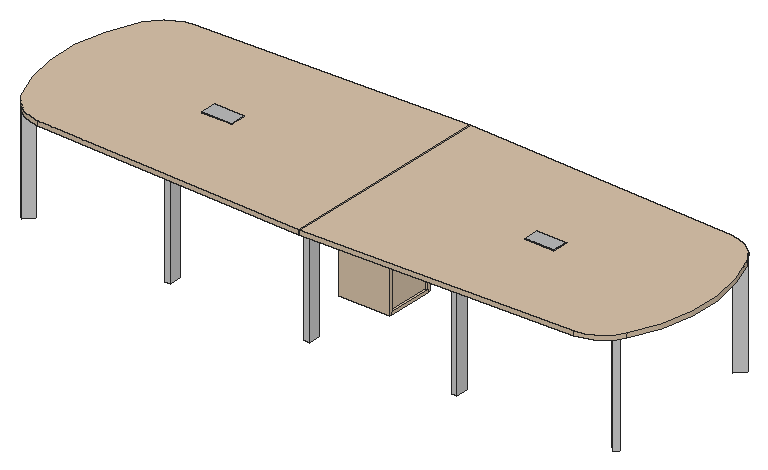
Revit family "Haworth_Planes_ConferenceTable_PebbleTwoPiece", category Furniture Systems, Revit 2018 (continued)
Definition of nested family "Haworth_Planes_Worksurface_Pebble_2Piece_PART"
  Definition of nested family "Haworth_Planes_Worksurface_Pebble60_TwoPiece_Part"
    Automatic sketch dimensions
      Extrusion 1 sketch curve to plane 3 "Center L/R" = 1.4253"  (x2)
      Extrusion 1 sketch curve to plane 3 "Center L/R" = 17.68"
      plane 1 "Center F/B" to Extrusion 1 sketch curve = 15 99/256"
      plane 1 "Center F/B" to Extrusion 1 sketch curve = 29.84"
      Extrusion 1 sketch curve to Extrusion 1 sketch curve = 374.11209"  (x2)
      Extrusion 1 sketch curve to plane 1 "Center F/B" = 15 99/256"
      Extrusion 1 sketch curve to plane 1 "Center F/B" = 29.84"
      Extrusion 1 sketch curve to Extrusion 1 sketch curve = 0"  (x4)
      plane 1 "Center F/B" to Extrusion 2 sketch curve = 0"
      Extrusion 2 sketch curve to plane 3 "Center L/R" = 0"
      Extrusion 2 sketch curve to plane 3 "Center L/R" = 1.44631"  (x2)
      Extrusion 2 sketch curve to plane 3 "Center L/R" = 20.68"
      plane 1 "Center F/B" to Extrusion 2 sketch curve = 15.38791"
      plane 1 "Center F/B" to Extrusion 2 sketch curve = 29.84"
      Extrusion 2 sketch curve to Extrusion 2 sketch curve = 431.31608"  (x2)
      Extrusion 2 sketch curve to plane 1 "Center F/B" = 15.38791"
      Extrusion 2 sketch curve to plane 1 "Center F/B" = 29.84"
      Extrusion 2 sketch curve to Extrusion 2 sketch curve = 0"  (x4)
      plane 1 "Center F/B" to Extrusion 3 sketch curve = 0"
      Extrusion 3 sketch curve to plane 3 "Center L/R" = 0"
      Extrusion 3 sketch curve to plane 3 "Center L/R" = 1.45357"  (x2)
      plane 1 "Center F/B" to Extrusion 3 sketch curve = 15.38851"
      plane 1 "Center F/B" to Extrusion 3 sketch curve = 29.84"
      Extrusion 3 sketch curve to Extrusion 3 sketch curve = 492.36637"  (x2)
      Extrusion 3 sketch curve to plane 1 "Center F/B" = 15.38851"
      Extrusion 3 sketch curve to plane 1 "Center F/B" = 29.84"
      Extrusion 3 sketch curve to Extrusion 3 sketch curve = 0"  (x4)
      plane 1 "Center F/B" to Extrusion 4 sketch curve = 0"
      Extrusion 4 sketch curve to plane 3 "Center L/R" = 0"
      Extrusion 4 sketch curve to plane 3 "Center L/R" = 1.45652"  (x2)
      plane 1 "Center F/B" to Extrusion 4 sketch curve = 15.38868"
      plane 1 "Center F/B" to Extrusion 4 sketch curve = 29.84"
      Extrusion 4 sketch curve to Extrusion 4 sketch curve = 557.09732"  (x2)
      Extrusion 4 sketch curve to plane 1 "Center F/B" = 15.38868"
      Extrusion 4 sketch curve to plane 1 "Center F/B" = 29.84"
      Extrusion 4 sketch curve to Extrusion 4 sketch curve = 0"  (x4)
      plane 1 "Center F/B" to Extrusion 5 sketch curve = 0"
      Extrusion 5 sketch curve to plane 3 "Center L/R" = 0"
      Extrusion 5 sketch curve to plane 3 "Center L/R" = 1.45112"  (x2)
      plane 1 "Center F/B" to Extrusion 5 sketch curve = 15.38854"
      plane 1 "Center F/B" to Extrusion 5 sketch curve = 29.84"
      Extrusion 5 sketch curve to Extrusion 5 sketch curve = 625.62148"  (x2)
      Extrusion 5 sketch curve to plane 1 "Center F/B" = 15.38854"
      Extrusion 5 sketch curve to plane 1 "Center F/B" = 29.84"
      Extrusion 5 sketch curve to Extrusion 5 sketch curve = 0"  (x4)
      plane 1 "Center F/B" to Extrusion 6 sketch curve = 0"
      Extrusion 6 sketch curve to plane 3 "Center L/R" = 0"
      Extrusion 6 sketch curve to plane 3 "Center L/R" = 4.16147"  (x2)
      plane 1 "Center F/B" to Extrusion 6 sketch curve = 15.38854"
      plane 1 "Center F/B" to Extrusion 6 sketch curve = 29.84"
      Extrusion 6 sketch curve to Extrusion 6 sketch curve = 629.37366"  (x2)
      Extrusion 6 sketch curve to plane 1 "Center F/B" = 15.38854"
      Extrusion 6 sketch curve to plane 1 "Center F/B" = 29.84"
      Extrusion 6 sketch curve to Extrusion 6 sketch curve = 0"  (x4)
      plane 1 "Center F/B" to Extrusion 7 sketch curve = 0"
      Extrusion 7 sketch curve to plane 3 "Center L/R" = 0"
      Extrusion 7 sketch curve to plane 3 "Center L/R" = 1.46373"  (x2)
      plane 1 "Center F/B" to Extrusion 7 sketch curve = 15.38768"
      plane 1 "Center F/B" to Extrusion 7 sketch curve = 29.84"
      Extrusion 7 sketch curve to Extrusion 7 sketch curve = 772.89119"  (x2)
      Extrusion 7 sketch curve to plane 1 "Center F/B" = 15.38768"
      Extrusion 7 sketch curve to plane 1 "Center F/B" = 29.84"
      Extrusion 7 sketch curve to Extrusion 7 sketch curve = 0"  (x4)
      plane 1 "Center F/B" to Extrusion 8 sketch curve = 0"
      Extrusion 8 sketch curve to plane 3 "Center L/R" = 0"
      Extrusion 8 sketch curve to plane 3 "Center L/R" = 1.45283"  (x2)
      plane 1 "Center F/B" to Extrusion 8 sketch curve = 15.38705"
      plane 1 "Center F/B" to Extrusion 8 sketch curve = 29.84"
      Extrusion 8 sketch curve to Extrusion 8 sketch curve = 852.37772"  (x2)
      Extrusion 8 sketch curve to plane 1 "Center F/B" = 15.38705"
      Extrusion 8 sketch curve to plane 1 "Center F/B" = 29.84"
      Extrusion 8 sketch curve to Extrusion 8 sketch curve = 0"  (x4)
      plane 1 "Center F/B" to Extrusion 9 sketch curve = 0"
      Extrusion 9 sketch curve to plane 3 "Center L/R" = 0"
      Extrusion 9 sketch curve to plane 3 "Center L/R" = 1.46855"  (x2)
      Extrusion 9 sketch curve to plane 1 "Center F/B" = 15.38636"
      plane 1 "Center F/B" to Extrusion 9 sketch curve = 15.38636"
      plane 1 "Center F/B" to Extrusion 9 sketch curve = 29.84"
      Extrusion 9 sketch curve to Extrusion 9 sketch curve = 934.72447"  (x2)
      Extrusion 9 sketch curve to plane 1 "Center F/B" = 29.84"
      Extrusion 9 sketch curve to Extrusion 9 sketch curve = 0"  (x4)
      plane 1 "Center F/B" to Extrusion 10 sketch curve = 0"
      Extrusion 10 sketch curve to plane 3 "Center L/R" = 0"
      Extrusion 10 sketch curve to plane 3 "Center L/R" = 1.47134"  (x2)
      Extrusion 10 sketch curve to plane 1 "Center F/B" = 15.38561"
      plane 1 "Center F/B" to Extrusion 10 sketch curve = 15.38561"
      plane 1 "Center F/B" to Extrusion 10 sketch curve = 29.84"
      Extrusion 10 sketch curve to Extrusion 10 sketch curve = 1021.02104"  (x2)
      Extrusion 10 sketch curve to plane 1 "Center F/B" = 29.84"
      Extrusion 10 sketch curve to Extrusion 10 sketch curve = 0"  (x4)
      plane 1 "Center F/B" to Masking region 1 sketch curve = 0"
      Masking region 1 sketch curve to plane 3 "Center L/R" = 0"
      Masking region 1 sketch curve to plane 3 "Center L/R" = 1.4253"  (x2)
      Masking region 1 sketch curve to plane 3 "Center L/R" = 17.68"
      plane 1 "Center F/B" to Masking region 1 sketch curve = 15 99/256"
      plane 1 "Center F/B" to Masking region 1 sketch curve = 29.84"
      Masking region 1 sketch curve to Masking region 1 sketch curve = 374.11209"  (x2)
      Masking region 1 sketch curve to plane 1 "Center F/B" = 15 99/256"
      Masking region 1 sketch curve to plane 1 "Center F/B" = 29.84"
      Masking region 1 sketch curve to Masking region 1 sketch curve = 0"  (x4)
      plane 1 "Center F/B" to Masking region 2 sketch curve = 0"
      Masking region 2 sketch curve to plane 3 "Center L/R" = 0"
      Masking region 2 sketch curve to plane 3 "Center L/R" = 1.44631"  (x2)
      Masking region 2 sketch curve to plane 3 "Center L/R" = 20.68"
      plane 1 "Center F/B" to Masking region 2 sketch curve = 15.38791"
      plane 1 "Center F/B" to Masking region 2 sketch curve = 29.84"
      Masking region 2 sketch curve to Masking region 2 sketch curve = 431.31608"  (x2)
      Masking region 2 sketch curve to plane 1 "Center F/B" = 15.38791"
      Masking region 2 sketch curve to plane 1 "Center F/B" = 29.84"
      Masking region 2 sketch curve to Masking region 2 sketch curve = 0"  (x4)
      plane 1 "Center F/B" to Masking region 3 sketch curve = 0"
      Masking region 3 sketch curve to plane 3 "Center L/R" = 0"
      Masking region 3 sketch curve to plane 3 "Center L/R" = 1.45357"  (x2)
      plane 1 "Center F/B" to Masking region 3 sketch curve = 15.38851"
      plane 1 "Center F/B" to Masking region 3 sketch curve = 29.84"
      Masking region 3 sketch curve to Masking region 3 sketch curve = 492.36637"  (x2)
      Masking region 3 sketch curve to plane 1 "Center F/B" = 15.38851"
      Masking region 3 sketch curve to plane 1 "Center F/B" = 29.84"
      Masking region 3 sketch curve to Masking region 3 sketch curve = 0"  (x4)
      plane 1 "Center F/B" to Masking region 4 sketch curve = 0"
      Masking region 4 sketch curve to plane 3 "Center L/R" = 0"
      Masking region 4 sketch curve to plane 3 "Center L/R" = 1.45652"  (x2)
      plane 1 "Center F/B" to Masking region 4 sketch curve = 15.38868"
      plane 1 "Center F/B" to Masking region 4 sketch curve = 29.84"
      Masking region 4 sketch curve to Masking region 4 sketch curve = 557.09732"  (x2)
      Masking region 4 sketch curve to plane 1 "Center F/B" = 15.38868"
      Masking region 4 sketch curve to plane 1 "Center F/B" = 29.84"
      Masking region 4 sketch curve to Masking region 4 sketch curve = 0"  (x4)
      plane 1 "Center F/B" to Masking region 5 sketch curve = 0"
      Masking region 5 sketch curve to plane 3 "Center L/R" = 0"
      Masking region 5 sketch curve to plane 3 "Center L/R" = 1.45112"  (x2)
      plane 1 "Center F/B" to Masking region 5 sketch curve = 15.38854"
      plane 1 "Center F/B" to Masking region 5 sketch curve = 29.84"
      Masking region 5 sketch curve to Masking region 5 sketch curve = 625.62148"  (x2)
      Masking region 5 sketch curve to plane 1 "Center F/B" = 15.38854"
      Masking region 5 sketch curve to plane 1 "Center F/B" = 29.84"
      Masking region 5 sketch curve to Masking region 5 sketch curve = 0"  (x4)
      plane 1 "Center F/B" to Masking region 6 sketch curve = 0"
      Masking region 6 sketch curve to plane 3 "Center L/R" = 0"
      Masking region 6 sketch curve to plane 3 "Center L/R" = 4.16147"  (x2)
      plane 1 "Center F/B" to Masking region 6 sketch curve = 15.38854"
      plane 1 "Center F/B" to Masking region 6 sketch curve = 29.84"
      Masking region 6 sketch curve to Masking region 6 sketch curve = 629.37366"  (x2)
      Masking region 6 sketch curve to plane 1 "Center F/B" = 15.38854"
      Masking region 6 sketch curve to plane 1 "Center F/B" = 29.84"
      Masking region 6 sketch curve to Masking region 6 sketch curve = 0"  (x4)
      plane 1 "Center F/B" to Masking region 7 sketch curve = 0"
      Masking region 7 sketch curve to plane 3 "Center L/R" = 0"
      Masking region 7 sketch curve to plane 3 "Center L/R" = 1.46373"  (x2)
      plane 1 "Center F/B" to Masking region 7 sketch curve = 15.38768"
      plane 1 "Center F/B" to Masking region 7 sketch curve = 29.84"
      Masking region 7 sketch curve to Masking region 7 sketch curve = 772.89119"  (x2)
      Masking region 7 sketch curve to plane 1 "Center F/B" = 15.38768"
      Masking region 7 sketch curve to plane 1 "Center F/B" = 29.84"
      Masking region 7 sketch curve to Masking region 7 sketch curve = 0"  (x4)
      plane 1 "Center F/B" to Masking region 8 sketch curve = 0"
      Masking region 8 sketch curve to plane 3 "Center L/R" = 0"
      Masking region 8 sketch curve to plane 3 "Center L/R" = 1.45283"  (x2)
      plane 1 "Center F/B" to Masking region 8 sketch curve = 15.38705"
      plane 1 "Center F/B" to Masking region 8 sketch curve = 29.84"
      Masking region 8 sketch curve to Masking region 8 sketch curve = 852.37772"  (x2)
      Masking region 8 sketch curve to plane 1 "Center F/B" = 15.38705"
      Masking region 8 sketch curve to plane 1 "Center F/B" = 29.84"
      Masking region 8 sketch curve to Masking region 8 sketch curve = 0"  (x4)
      plane 1 "Center F/B" to Masking region 9 sketch curve = 0"
      Masking region 9 sketch curve to plane 3 "Center L/R" = 0"
      Masking region 9 sketch curve to plane 3 "Center L/R" = 1.46855"  (x2)
      plane 1 "Center F/B" to Masking region 9 sketch curve = 15.38636"
      Masking region 9 sketch curve to plane 1 "Center F/B" = 15.38636"
      plane 1 "Center F/B" to Masking region 9 sketch curve = 29.84"
      Masking region 9 sketch curve to Masking region 9 sketch curve = 934.72447"  (x2)
      Masking region 9 sketch curve to plane 1 "Center F/B" = 29.84"
      Masking region 9 sketch curve to Masking region 9 sketch curve = 0"  (x4)
      plane 1 "Center F/B" to Masking region 10 sketch curve = 0"
      Masking region 10 sketch curve to plane 3 "Center L/R" = 0"
      Masking region 10 sketch curve to plane 3 "Center L/R" = 1.47134"  (x2)
      plane 1 "Center F/B" to Masking region 10 sketch curve = 15.38561"
      Masking region 10 sketch curve to plane 1 "Center F/B" = 15.38561"
      plane 1 "Center F/B" to Masking region 10 sketch curve = 29.84"
      Masking region 10 sketch curve to Masking region 10 sketch curve = 1021.02104"  (x2)
      Masking region 10 sketch curve to plane 1 "Center F/B" = 29.84"
      Masking region 10 sketch curve to Masking region 10 sketch curve = 0"  (x4)
      plane 1 "Center F/B" to Extrusion 11 sketch curve = 0"
      Extrusion 11 sketch curve to plane 3 "Center L/R" = 0"
      Extrusion 11 sketch curve to plane 3 "Center L/R" = 1.4253"  (x2)
      Extrusion 11 sketch curve to plane 3 "Center L/R" = 17.68"
      Extrusion 11 sketch curve to plane 1 "Center F/B" = 15 99/256"
      Extrusion 11 sketch curve to plane 1 "Center F/B" = 29.84"
      Extrusion 11 sketch curve to Extrusion 11 sketch curve = 374.11209"  (x2)
      plane 1 "Center F/B" to Extrusion 11 sketch curve = 15 99/256"
      plane 1 "Center F/B" to Extrusion 11 sketch curve = 29.84"
      Extrusion 11 sketch curve to Extrusion 11 sketch curve = 0"  (x4)
      plane 1 "Center F/B" to Extrusion 12 sketch curve = 0"
      Extrusion 12 sketch curve to plane 3 "Center L/R" = 0"
      Extrusion 12 sketch curve to plane 3 "Center L/R" = 1.44631"  (x2)
      Extrusion 12 sketch curve to plane 3 "Center L/R" = 20.68"
      Extrusion 12 sketch curve to plane 1 "Center F/B" = 15.38791"
      Extrusion 12 sketch curve to plane 1 "Center F/B" = 29.84"
      Extrusion 12 sketch curve to Extrusion 12 sketch curve = 431.31608"  (x2)
      plane 1 "Center F/B" to Extrusion 12 sketch curve = 15.38791"
      plane 1 "Center F/B" to Extrusion 12 sketch curve = 29.84"
      Extrusion 12 sketch curve to Extrusion 12 sketch curve = 0"  (x4)
      plane 1 "Center F/B" to Extrusion 13 sketch curve = 0"
      Extrusion 13 sketch curve to plane 3 "Center L/R" = 0"
      Extrusion 13 sketch curve to plane 3 "Center L/R" = 1.45357"  (x2)
      Extrusion 13 sketch curve to plane 1 "Center F/B" = 15.38851"
      Extrusion 13 sketch curve to plane 1 "Center F/B" = 29.84"
      Extrusion 13 sketch curve to Extrusion 13 sketch curve = 492.36637"  (x2)
      plane 1 "Center F/B" to Extrusion 13 sketch curve = 15.38851"
      plane 1 "Center F/B" to Extrusion 13 sketch curve = 29.84"
      Extrusion 13 sketch curve to Extrusion 13 sketch curve = 0"  (x4)
      plane 1 "Center F/B" to Extrusion 14 sketch curve = 0"
      Extrusion 14 sketch curve to plane 3 "Center L/R" = 0"
      Extrusion 14 sketch curve to plane 3 "Center L/R" = 1.45652"  (x2)
      Extrusion 14 sketch curve to plane 1 "Center F/B" = 15.38868"
      Extrusion 14 sketch curve to plane 1 "Center F/B" = 29.84"
      Extrusion 14 sketch curve to Extrusion 14 sketch curve = 557.09732"  (x2)
      plane 1 "Center F/B" to Extrusion 14 sketch curve = 15.38868"
      plane 1 "Center F/B" to Extrusion 14 sketch curve = 29.84"
      Extrusion 14 sketch curve to Extrusion 14 sketch curve = 0"  (x4)
      plane 1 "Center F/B" to Extrusion 15 sketch curve = 0"
      Extrusion 15 sketch curve to plane 3 "Center L/R" = 0"
      Extrusion 15 sketch curve to plane 3 "Center L/R" = 1.45112"  (x2)
      Extrusion 15 sketch curve to plane 1 "Center F/B" = 15.38854"
      Extrusion 15 sketch curve to plane 1 "Center F/B" = 29.84"
      Extrusion 15 sketch curve to Extrusion 15 sketch curve = 625.62148"  (x2)
      plane 1 "Center F/B" to Extrusion 15 sketch curve = 15.38854"
      plane 1 "Center F/B" to Extrusion 15 sketch curve = 29.84"
      Extrusion 15 sketch curve to Extrusion 15 sketch curve = 0"  (x4)
      plane 1 "Center F/B" to Extrusion 16 sketch curve = 0"
      Extrusion 16 sketch curve to plane 3 "Center L/R" = 0"
      Extrusion 16 sketch curve to plane 3 "Center L/R" = 4.16147"  (x2)
      Extrusion 16 sketch curve to plane 1 "Center F/B" = 15.38854"
      Extrusion 16 sketch curve to plane 1 "Center F/B" = 29.84"
      Extrusion 16 sketch curve to Extrusion 16 sketch curve = 629.37366"  (x2)
      plane 1 "Center F/B" to Extrusion 16 sketch curve = 15.38854"
      plane 1 "Center F/B" to Extrusion 16 sketch curve = 29.84"
      Extrusion 16 sketch curve to Extrusion 16 sketch curve = 0"  (x4)
      plane 1 "Center F/B" to Extrusion 17 sketch curve = 0"
      Extrusion 17 sketch curve to plane 3 "Center L/R" = 0"
      Extrusion 17 sketch curve to plane 3 "Center L/R" = 1.46373"  (x2)
      Extrusion 17 sketch curve to plane 1 "Center F/B" = 15.38768"
      Extrusion 17 sketch curve to plane 1 "Center F/B" = 29.84"
      Extrusion 17 sketch curve to Extrusion 17 sketch curve = 772.89119"  (x2)
      plane 1 "Center F/B" to Extrusion 17 sketch curve = 15.38768"
      plane 1 "Center F/B" to Extrusion 17 sketch curve = 29.84"
      Extrusion 17 sketch curve to Extrusion 17 sketch curve = 0"  (x4)
      plane 1 "Center F/B" to Extrusion 18 sketch curve = 0"
      Extrusion 18 sketch curve to plane 3 "Center L/R" = 0"
      Extrusion 18 sketch curve to plane 3 "Center L/R" = 1.45283"  (x2)
      Extrusion 18 sketch curve to plane 1 "Center F/B" = 15.38705"
      Extrusion 18 sketch curve to plane 1 "Center F/B" = 29.84"
      Extrusion 18 sketch curve to Extrusion 18 sketch curve = 852.37772"  (x2)
      plane 1 "Center F/B" to Extrusion 18 sketch curve = 15.38705"
      plane 1 "Center F/B" to Extrusion 18 sketch curve = 29.84"
      Extrusion 18 sketch curve to Extrusion 18 sketch curve = 0"  (x4)
      plane 1 "Center F/B" to Extrusion 19 sketch curve = 0"
      Extrusion 19 sketch curve to plane 3 "Center L/R" = 0"
      Extrusion 19 sketch curve to plane 3 "Center L/R" = 1.46855"  (x2)
      plane 1 "Center F/B" to Extrusion 19 sketch curve = 15.38636"
      Extrusion 19 sketch curve to plane 1 "Center F/B" = 15.38636"
      Extrusion 19 sketch curve to plane 1 "Center F/B" = 29.84"
      Extrusion 19 sketch curve to Extrusion 19 sketch curve = 934.72447"  (x2)
      plane 1 "Center F/B" to Extrusion 19 sketch curve = 29.84"
      Extrusion 19 sketch curve to Extrusion 19 sketch curve = 0"  (x4)
      plane 1 "Center F/B" to Extrusion 20 sketch curve = 0"
      Extrusion 20 sketch curve to plane 3 "Center L/R" = 0"
      Extrusion 20 sketch curve to plane 3 "Center L/R" = 1.47134"  (x2)
      plane 1 "Center F/B" to Extrusion 20 sketch curve = 15.38561"
      Extrusion 20 sketch curve to plane 1 "Center F/B" = 15.38561"
      Extrusion 20 sketch curve to plane 1 "Center F/B" = 29.84"
      Extrusion 20 sketch curve to Extrusion 20 sketch curve = 1021.02104"  (x2)
      plane 1 "Center F/B" to Extrusion 20 sketch curve = 29.84"
      Extrusion 20 sketch curve to Extrusion 20 sketch curve = 0"  (x4)
      Masking region 11 sketch curve to plane 3 "Center L/R" = 0"
      plane 1 "Center F/B" to Masking region 11 sketch curve = 0"
      plane 1 "Center F/B" to Masking region 11 sketch curve = 15 99/256"
      plane 1 "Center F/B" to Masking region 11 sketch curve = 29.84"
      plane 3 "Center L/R" to Masking region 11 sketch curve = 1.4253"  (x2)
      Masking region 11 sketch curve to Masking region 11 sketch curve = 374.11209"  (x2)
      Masking region 11 sketch curve to plane 1 "Center F/B" = 15 99/256"
      Masking region 11 sketch curve to plane 1 "Center F/B" = 29.84"
      plane 3 "Center L/R" to Masking region 11 sketch curve = 17.68"
      Masking region 11 sketch curve to Masking region 11 sketch curve = 6.33497"
      Masking region 11 sketch curve to Masking region 11 sketch curve = 0"  (x3)
      Masking region 12 sketch curve to plane 3 "Center L/R" = 0"
      plane 1 "Center F/B" to Masking region 12 sketch curve = 0"
      plane 1 "Center F/B" to Masking region 12 sketch curve = 15.38791"
      plane 1 "Center F/B" to Masking region 12 sketch curve = 29.84"
      plane 3 "Center L/R" to Masking region 12 sketch curve = 1.44631"  (x2)
      Masking region 12 sketch curve to Masking region 12 sketch curve = 431.31608"  (x2)
      Masking region 12 sketch curve to plane 1 "Center F/B" = 15.38791"
      Masking region 12 sketch curve to plane 1 "Center F/B" = 29.84"
      plane 3 "Center L/R" to Masking region 12 sketch curve = 20.68"
      Masking region 12 sketch curve to Masking region 12 sketch curve = 6.34291"
      Masking region 12 sketch curve to Masking region 12 sketch curve = 0"  (x3)
      Masking region 13 sketch curve to plane 3 "Center L/R" = 0"
      plane 1 "Center F/B" to Masking region 13 sketch curve = 0"
      plane 1 "Center F/B" to Masking region 13 sketch curve = 15.38851"
      plane 1 "Center F/B" to Masking region 13 sketch curve = 29.84"
      plane 3 "Center L/R" to Masking region 13 sketch curve = 1.45357"  (x2)
      Masking region 13 sketch curve to Masking region 13 sketch curve = 492.36637"  (x2)
      Masking region 13 sketch curve to plane 1 "Center F/B" = 15.38851"
      Masking region 13 sketch curve to plane 1 "Center F/B" = 29.84"
      Masking region 13 sketch curve to Masking region 13 sketch curve = 6.34966"
      Masking region 13 sketch curve to Masking region 13 sketch curve = 0"  (x3)
      Masking region 14 sketch curve to plane 3 "Center L/R" = 0"
      plane 1 "Center F/B" to Masking region 14 sketch curve = 0"
      plane 1 "Center F/B" to Masking region 14 sketch curve = 15.38868"
      plane 1 "Center F/B" to Masking region 14 sketch curve = 29.84"
      plane 3 "Center L/R" to Masking region 14 sketch curve = 1.45652"  (x2)
      Masking region 14 sketch curve to Masking region 14 sketch curve = 557.09732"  (x2)
      Masking region 14 sketch curve to plane 1 "Center F/B" = 15.38868"
      Masking region 14 sketch curve to plane 1 "Center F/B" = 29.84"
      Masking region 14 sketch curve to Masking region 14 sketch curve = 6.35544"
      Masking region 14 sketch curve to Masking region 14 sketch curve = 0"  (x3)
      Masking region 15 sketch curve to plane 3 "Center L/R" = 0"
      plane 1 "Center F/B" to Masking region 15 sketch curve = 0"
      plane 1 "Center F/B" to Masking region 15 sketch curve = 15.38854"
      plane 1 "Center F/B" to Masking region 15 sketch curve = 29.84"
      plane 3 "Center L/R" to Masking region 15 sketch curve = 1.45112"  (x2)
      Masking region 15 sketch curve to Masking region 15 sketch curve = 625.62148"  (x2)
      Masking region 15 sketch curve to plane 1 "Center F/B" = 15.38854"
      Masking region 15 sketch curve to plane 1 "Center F/B" = 29.84"
      Masking region 15 sketch curve to Masking region 15 sketch curve = 6.36045"
      Masking region 15 sketch curve to Masking region 15 sketch curve = 0"  (x3)
      Masking region 16 sketch curve to plane 3 "Center L/R" = 0"
      plane 1 "Center F/B" to Masking region 16 sketch curve = 0"
      plane 1 "Center F/B" to Masking region 16 sketch curve = 15.38854"
      plane 1 "Center F/B" to Masking region 16 sketch curve = 29.84"
      plane 3 "Center L/R" to Masking region 16 sketch curve = 4.16147"  (x2)
      Masking region 16 sketch curve to Masking region 16 sketch curve = 629.37366"  (x2)
      Masking region 16 sketch curve to plane 1 "Center F/B" = 15.38854"
      Masking region 16 sketch curve to plane 1 "Center F/B" = 29.84"
      Masking region 16 sketch curve to Masking region 16 sketch curve = 6.3605"
      Masking region 16 sketch curve to Masking region 16 sketch curve = 0"  (x3)
      Masking region 17 sketch curve to plane 3 "Center L/R" = 0"
      plane 1 "Center F/B" to Masking region 17 sketch curve = 0"
      plane 1 "Center F/B" to Masking region 17 sketch curve = 15.38768"
      plane 1 "Center F/B" to Masking region 17 sketch curve = 29.84"
      plane 3 "Center L/R" to Masking region 17 sketch curve = 1.46373"  (x2)
      Masking region 17 sketch curve to Masking region 17 sketch curve = 772.89119"  (x2)
      Masking region 17 sketch curve to plane 1 "Center F/B" = 15.38768"
      Masking region 17 sketch curve to plane 1 "Center F/B" = 29.84"
      Masking region 17 sketch curve to Masking region 17 sketch curve = 6.3686"
      Masking region 17 sketch curve to Masking region 17 sketch curve = 0"  (x3)
      Masking region 18 sketch curve to plane 3 "Center L/R" = 0"
      plane 1 "Center F/B" to Masking region 18 sketch curve = 0"
      plane 1 "Center F/B" to Masking region 18 sketch curve = 15.38705"
      plane 1 "Center F/B" to Masking region 18 sketch curve = 29.84"
      plane 3 "Center L/R" to Masking region 18 sketch curve = 1.45283"  (x2)
      Masking region 18 sketch curve to Masking region 18 sketch curve = 852.37772"  (x2)
      Masking region 18 sketch curve to plane 1 "Center F/B" = 15.38705"
      Masking region 18 sketch curve to plane 1 "Center F/B" = 29.84"
      Masking region 18 sketch curve to Masking region 18 sketch curve = 6.37199"
      Masking region 18 sketch curve to Masking region 18 sketch curve = 0"  (x3)
      Masking region 19 sketch curve to plane 3 "Center L/R" = 0"
      plane 1 "Center F/B" to Masking region 19 sketch curve = 0"
      plane 1 "Center F/B" to Masking region 19 sketch curve = 15.38636"
      plane 1 "Center F/B" to Masking region 19 sketch curve = 29.84"
      plane 3 "Center L/R" to Masking region 19 sketch curve = 1.46855"  (x2)
      Masking region 19 sketch curve to Masking region 19 sketch curve = 934.72447"  (x2)
      Masking region 19 sketch curve to plane 1 "Center F/B" = 15.38636"
      Masking region 19 sketch curve to plane 1 "Center F/B" = 29.84"
      Masking region 19 sketch curve to Masking region 19 sketch curve = 6.37498"
      Masking region 19 sketch curve to Masking region 19 sketch curve = 0"  (x3)
      Masking region 20 sketch curve to plane 3 "Center L/R" = 0"
      plane 1 "Center F/B" to Masking region 20 sketch curve = 0"
      plane 1 "Center F/B" to Masking region 20 sketch curve = 15.38561"
      plane 1 "Center F/B" to Masking region 20 sketch curve = 29.84"
      plane 3 "Center L/R" to Masking region 20 sketch curve = 1.47134"  (x2)
      Masking region 20 sketch curve to Masking region 20 sketch curve = 1021.02104"  (x2)
      Masking region 20 sketch curve to plane 1 "Center F/B" = 15.38561"
      Masking region 20 sketch curve to plane 1 "Center F/B" = 29.84"
      Masking region 20 sketch curve to Masking region 20 sketch curve = 6.37766"
      Masking region 20 sketch curve to Masking region 20 sketch curve = 0"  (x3)
      curve 1 to plane 3 "Center L/R" = 0"
      plane 1 "Center F/B" to curve 1 = 29.84"
      curve 1 to plane 1 "Center F/B" = 29.84"
      Extrusion 1 sketch curve to Extrusion 1 sketch curve = 29.19331"
      Extrusion 2 sketch curve to Extrusion 2 sketch curve = 29.19268"
      Extrusion 3 sketch curve to plane 3 "Center L/R" = 23.68"
      Extrusion 3 sketch curve to Extrusion 3 sketch curve = 29.19236"
      Extrusion 4 sketch curve to plane 3 "Center L/R" = 26.68"
      Extrusion 4 sketch curve to Extrusion 4 sketch curve = 29.19227"
      Extrusion 5 sketch curve to plane 3 "Center L/R" = 29.68"
      Extrusion 5 sketch curve to Extrusion 5 sketch curve = 29.19234"
      Extrusion 6 sketch curve to plane 3 "Center L/R" = 32.68"
      Extrusion 6 sketch curve to Extrusion 6 sketch curve = 29.19234"
      Extrusion 7 sketch curve to plane 3 "Center L/R" = 35.68"
      Extrusion 7 sketch curve to Extrusion 7 sketch curve = 29.1928"
      Extrusion 8 sketch curve to plane 3 "Center L/R" = 38.68"
      Extrusion 8 sketch curve to Extrusion 8 sketch curve = 29.19313"
      Extrusion 9 sketch curve to plane 3 "Center L/R" = 41.68"
      Extrusion 9 sketch curve to Extrusion 9 sketch curve = 29.19349"
      Extrusion 10 sketch curve to plane 3 "Center L/R" = 44.68"
      Extrusion 10 sketch curve to Extrusion 10 sketch curve = 29.19388"
      Masking region 1 sketch curve to Masking region 1 sketch curve = 29.19331"
      Masking region 2 sketch curve to Masking region 2 sketch curve = 29.19268"
      Masking region 3 sketch curve to plane 3 "Center L/R" = 23.68"
      Masking region 3 sketch curve to Masking region 3 sketch curve = 29.19236"
      Masking region 4 sketch curve to plane 3 "Center L/R" = 26.68"
      Masking region 4 sketch curve to Masking region 4 sketch curve = 29.19227"
      Masking region 5 sketch curve to plane 3 "Center L/R" = 29.68"
      Masking region 5 sketch curve to Masking region 5 sketch curve = 29.19234"
      Masking region 6 sketch curve to plane 3 "Center L/R" = 32.68"
      Masking region 6 sketch curve to Masking region 6 sketch curve = 29.19234"
      Masking region 7 sketch curve to plane 3 "Center L/R" = 35.68"
      Masking region 7 sketch curve to Masking region 7 sketch curve = 29.1928"
      Masking region 8 sketch curve to plane 3 "Center L/R" = 38.68"
      Masking region 8 sketch curve to Masking region 8 sketch curve = 29.19313"
      Masking region 9 sketch curve to plane 3 "Center L/R" = 41.68"
      Masking region 9 sketch curve to Masking region 9 sketch curve = 29.19349"
      Masking region 10 sketch curve to plane 3 "Center L/R" = 44.68"
      Masking region 10 sketch curve to Masking region 10 sketch curve = 29.19388"
      Extrusion 11 sketch curve to Extrusion 11 sketch curve = 29.19331"
      Extrusion 12 sketch curve to Extrusion 12 sketch curve = 29.19268"
      Extrusion 13 sketch curve to plane 3 "Center L/R" = 23.68"
      Extrusion 13 sketch curve to Extrusion 13 sketch curve = 29.19236"
      Extrusion 14 sketch curve to plane 3 "Center L/R" = 26.68"
      Extrusion 14 sketch curve to Extrusion 14 sketch curve = 29.19227"
      Extrusion 15 sketch curve to plane 3 "Center L/R" = 29.68"
      Extrusion 15 sketch curve to Extrusion 15 sketch curve = 29.19234"
      Extrusion 16 sketch curve to plane 3 "Center L/R" = 32.68"
      Extrusion 16 sketch curve to Extrusion 16 sketch curve = 29.19234"
      Extrusion 17 sketch curve to plane 3 "Center L/R" = 35.68"
      Extrusion 17 sketch curve to Extrusion 17 sketch curve = 29.1928"
      Extrusion 18 sketch curve to plane 3 "Center L/R" = 38.68"
      Extrusion 18 sketch curve to Extrusion 18 sketch curve = 29.19313"
      Extrusion 19 sketch curve to plane 3 "Center L/R" = 41.68"
      Extrusion 19 sketch curve to Extrusion 19 sketch curve = 29.19349"
      Extrusion 20 sketch curve to plane 3 "Center L/R" = 44.68"
      Extrusion 20 sketch curve to Extrusion 20 sketch curve = 29.19388"
      Masking region 11 sketch curve to Masking region 11 sketch curve = 29.19331"
      Masking region 12 sketch curve to Masking region 12 sketch curve = 29.19268"
      plane 3 "Center L/R" to Masking region 13 sketch curve = 23.68"
      Masking region 13 sketch curve to Masking region 13 sketch curve = 29.19236"
      plane 3 "Center L/R" to Masking region 14 sketch curve = 26.68"
      Masking region 14 sketch curve to Masking region 14 sketch curve = 29.19227"
      plane 3 "Center L/R" to Masking region 15 sketch curve = 29.68"
      Masking region 15 sketch curve to Masking region 15 sketch curve = 29.19234"
      plane 3 "Center L/R" to Masking region 16 sketch curve = 32.68"
      Masking region 16 sketch curve to Masking region 16 sketch curve = 29.19234"
      plane 3 "Center L/R" to Masking region 17 sketch curve = 35.68"
      Masking region 17 sketch curve to Masking region 17 sketch curve = 29.1928"
      plane 3 "Center L/R" to Masking region 18 sketch curve = 38.68"
      Masking region 18 sketch curve to Masking region 18 sketch curve = 29.19313"
      plane 3 "Center L/R" to Masking region 19 sketch curve = 41.68"
      Masking region 19 sketch curve to Masking region 19 sketch curve = 29.19349"
      plane 3 "Center L/R" to Masking region 20 sketch curve = 44.68"
      Masking region 20 sketch curve to Masking region 20 sketch curve = 29.19388"
  Definition of nested family "Haworth_Planes_Worksurface_Pebble42_TwoPiece_Part"
    Parameters (values of type "Worksurface")
      Width = 180"
      Warranty = "https://www.haworth.com/resources/product-info/warranties"
      URL - Product = ""
      URL = "www.haworth.com"
      Thickness = 1 3/16"
      Table Finish = none
      Table Edge Finish = none
      Revision Number = ""
      Note = "Verify Final Dim. w/ Haworth"  # constant formula
      Min. Width = 126"  # constant formula
      Min. Depth = 42"  # constant formula
      Max. Width = 180"  # constant formula
      Max. Depth = 42"  # constant formula
      Manufacturer = "Haworth"  # constant formula
      Depth = 42"  # constant formula
      Cutout Width = 8"  # constant formula
      Cutout Dimension = 3"  # constant formula
      Cutout Depth = 4"  # constant formula
      Center Cutout Offset = Actual Width / 4  # 45"
      Author = "Haworth (Alias)"  # constant formula
      Assembly Code = ""
      Actual Width = if(Width < Min. Width, Min. Width, if(Width > Max. Width, Max. Width, Width))  # 180"
      Actual Height = 41"
      Actual Depth = if(Depth > Max. Depth, Max. Depth, if(Depth < Min. Depth, Min. Depth, Depth))  # 42"
      180w = and(177" < Actual Width, Actual Width < 181")  # yes
      174w = and(171" < Actual Width, Actual Width < 178")  # no
      168w = and(165" < Actual Width, Actual Width < 172")  # no
      162w = and(159" < Actual Width, Actual Width < 166")  # no
      156w = and(153" < Actual Width, Actual Width < 160")  # no
      150w = and(147" < Actual Width, Actual Width < 154")  # no
      144w = and(141" < Actual Width, Actual Width < 148")  # no
      138w = and(135" < Actual Width, Actual Width < 142")  # no
      132w = and(129" < Actual Width, Actual Width < 136")  # no
      126w = and(125" < Actual Width, Actual Width < 130")  # no
    Reference planes (in)
      plane 1 "Center F/B": y = 15
      plane 2 "Bottom": z = 0
      plane 3 "Center L/R": x = 0
      plane 4 "Table Top": z = 41
      plane 5 "Table Bottom": z = 39.8125
      plane 6 "Cutout Top": z = 42
      plane 7 "Cutout Bottom": z = 39
      plane 8 "KnifeEdge Middle": z = 40.625
    Forms (in)
      Extrusion 1, solid, material <- "Table Finish", visible <- "126w"
        sketch origin (-172.51351, 366.42504, 0) x (1, 0, 0) y (0, 1, 0)
          loop
            arc (110.6831, -360.12795) -> (114.37717, -366.67982) -> (121.24538, -369.7459) r 12
            arc (121.24538, -369.7459) -> (146.84669, -371.67218) -> (172.51351, -372.26504) r 493.72814
            line (172.51351, -372.26504) -> (172.51351, -330.58504)
            arc (172.51351, -330.58504) -> (146.84669, -331.17791) -> (121.24538, -333.10419) r 493.72814
            arc (121.24538, -333.10419) -> (114.37717, -336.17027) -> (110.6831, -342.72213) r 12
            arc (110.6831, -342.72213) -> (109.83351, -351.42504) -> (110.6831, -360.12795) r 45
        from 39.8125 to 41
      Extrusion 2, solid, material <- "Table Finish", visible <- "132w"
        sketch origin (-171.82102, 319.06793, 0) x (1, 0, 0) y (0, 1, 0)
          loop
            arc (106.99085, -312.77208) -> (110.71113, -319.34747) -> (117.62337, -322.39662) r 12
            arc (117.62337, -322.39662) -> (144.69148, -324.31514) -> (171.82102, -324.90793) r 554.84805
            line (171.82102, -324.90793) -> (171.82102, -283.22793)
            arc (171.82102, -283.22793) -> (144.69148, -283.82073) -> (117.62337, -285.73924) r 554.84805
            arc (117.62337, -285.73924) -> (110.71113, -288.78839) -> (106.99085, -295.36378) r 12
            arc (106.99085, -295.36378) -> (106.14102, -304.06793) -> (106.99085, -312.77208) r 45
        from 39.8125 to 41
      Extrusion 3, solid, material <- "Table Finish", visible <- "138w"
        sketch origin (-171.82102, 272.23728, 0) x (1, 0, 0) y (0, 1, 0)
          loop
            arc (171.82102, -236.39728) -> (143.22464, -236.99038) -> (114.68609, -238.90232) r 619.7256
            arc (114.68609, -238.90232) -> (107.73463, -241.93615) -> (103.99097, -248.5325) r 12
            arc (103.99097, -248.5325) -> (103.14102, -257.23728) -> (103.99097, -265.94205) r 45
            arc (103.99097, -265.94205) -> (107.73459, -272.53838) -> (114.68599, -275.57223) r 12
            arc (114.68599, -275.57223) -> (143.22459, -277.4843) -> (171.82102, -278.07728) r 619.61555
            line (171.82102, -278.07728) -> (171.82102, -236.39728)
        from 39.8125 to 41
      Extrusion 4, solid, material <- "Table Finish", visible <- "144w"
        sketch origin (-172.22847, 224.99935, 0) x (1, 0, 0) y (0, 1, 0)
          loop
            arc (101.39845, -201.2944) -> (100.54847, -209.99935) -> (101.39845, -218.70431) r 45
            arc (101.39845, -218.70431) -> (105.16304, -225.31942) -> (112.14958, -228.33937) r 12
            arc (112.14958, -228.33937) -> (142.1617, -230.24583) -> (172.22847, -230.83935) r 688.2138
            line (172.22847, -230.83935) -> (172.22847, -189.15935)
            arc (172.22847, -189.15935) -> (142.1617, -189.75288) -> (112.14958, -191.65934) r 688.2138
            arc (112.14958, -191.65934) -> (105.16304, -194.67928) -> (101.39845, -201.2944) r 12
        from 39.8125 to 41
      Extrusion 5, solid, material <- "Table Finish", visible <- "150w"
        sketch origin (-172.22847, 177.76142, 0) x (1, 0, 0) y (0, 1, 0)
          loop
            arc (98.39842, -171.46623) -> (102.18195, -178.09831) -> (109.20021, -181.10555) r 12
            arc (109.20021, -181.10555) -> (140.68846, -183.00708) -> (172.22847, -183.60142) r 760.68547
            line (172.22847, -183.60142) -> (172.22847, -141.92142)
            arc (172.22847, -141.92142) -> (140.68846, -142.51577) -> (109.20021, -144.4173) r 760.68547
            arc (109.20021, -144.4173) -> (102.18195, -147.42454) -> (98.39842, -154.05662) r 12
            arc (98.39842, -154.05662) -> (97.54847, -162.76142) -> (98.39842, -171.46623) r 45
        from 39.8125 to 41
      Extrusion 6, solid, material <- "Table Finish", visible <- "156w"
        sketch origin (-172.64314, 130.06352, 0) x (1, 0, 0) y (0, 1, 0)
          loop
            arc (95.81302, -123.76795) -> (99.61347, -130.41519) -> (106.66008, -133.41096) r 12
            arc (106.66008, -133.41096) -> (139.62699, -135.3091) -> (172.64314, -135.90352) r 835.79748
            line (172.64314, -135.90352) -> (172.64314, -94.22352)
            arc (172.64314, -94.22352) -> (139.62699, -94.81795) -> (106.66008, -96.71608) r 835.79748
            arc (106.66008, -96.71608) -> (99.61347, -99.71185) -> (95.81302, -106.3591) r 12
            arc (95.81302, -106.3591) -> (94.96314, -115.06352) -> (95.81302, -123.76795) r 45
        from 39.8125 to 41
      Extrusion 7, solid, material <- "Table Finish", visible <- "162w"
        sketch origin (-173.05496, 84.81714, 0) x (1, 0, 0) y (0, 1, 0)
          loop
            arc (93.22473, -78.521) -> (97.04077, -85.1822) -> (104.11345, -88.16732) r 12
            arc (104.11345, -88.16732) -> (138.56074, -90.06192) -> (173.05496, -90.65714) r 915.38071
            line (173.05496, -90.65714) -> (173.05496, -48.97714)
            arc (173.05496, -48.97714) -> (138.56074, -49.57236) -> (104.11345, -51.46696) r 915.38071
            arc (104.11345, -51.46696) -> (97.04077, -54.45207) -> (93.22473, -61.11327) r 12
            arc (93.22473, -61.11327) -> (92.37496, -69.81714) -> (93.22473, -78.521) r 45
        from 39.8125 to 41
      Extrusion 8, solid, material <- "Table Finish", visible <- "168w"
        sketch origin (-173.05807, 37.93785, 0) x (1, 0, 0) y (0, 1, 0)
          loop
            arc (90.22771, -14.23467) -> (89.37807, -22.93785) -> (90.22771, -31.64103) r 45
            arc (90.22771, -31.64103) -> (94.058, -38.31499) -> (101.15451, -41.29028) r 12
            arc (101.15451, -41.29028) -> (137.08388, -43.18179) -> (173.05807, -43.77785) r 998.66451
            line (173.05807, -43.77785) -> (173.05807, -2.09785)
            arc (173.05807, -2.09785) -> (137.08388, -2.69391) -> (101.15451, -4.58542) r 998.66451
            arc (101.15451, -4.58542) -> (94.058, -7.56071) -> (90.22771, -14.23467) r 12
        from 39.8125 to 41
      Extrusion 9, solid, material <- "Table Finish", visible <- "174w"
        sketch origin (-172.24314, -7.72138, 0) x (1, 0, 0) y (0, 1, 0)
          loop
            arc (97.37417, 4.36711) -> (134.7872, 2.47799) -> (172.24314, 1.88138) r 1085.13481
            line (172.24314, 1.88138) -> (172.24314, 43.56138)
            arc (172.24314, 43.56138) -> (134.7872, 42.96476) -> (97.37417, 41.07564) r 1085.13481
            arc (97.37417, 41.07564) -> (90.25592, 38.10938) -> (86.41262, 31.42379) r 12
            arc (86.41262, 31.42379) -> (85.56314, 22.72138) -> (86.41262, 14.01896) r 45
            arc (86.41262, 14.01896) -> (90.25592, 7.33337) -> (97.37417, 4.36711) r 12
        from 39.8125 to 41
      Extrusion 10, solid, material <- "Table Finish", visible <- "180w"
        sketch origin (-173.49062, -57.75522, 0) x (1, 0, 0) y (0, 1, 0)
          loop
            arc (173.49062, 93.59522) -> (134.55136, 92.99835) -> (95.65329, 91.111) r 1174.64702
            arc (95.65329, 91.111) -> (88.51515, 88.15306) -> (84.65994, 81.45681) r 12
            arc (84.65994, 81.45681) -> (83.81062, 72.75522) -> (84.65994, 64.05364) r 45
            arc (84.65994, 64.05364) -> (88.51515, 57.35739) -> (95.65329, 54.39945) r 12
            arc (95.65329, 54.39945) -> (134.55136, 52.5121) -> (173.49062, 51.91522) r 1174.64702
            line (173.49062, 51.91522) -> (173.49062, 93.59522)
        from 39.8125 to 41
      Extrusion 11, solid, material <- "Table Finish", visible <- "126w"
        sketch origin (172.51351, 366.42504, 0) x (-1, 0, 0) y (0, -1, 0)
          loop
            arc (110.6831, 360.12795) -> (109.83351, 351.42504) -> (110.6831, 342.72213) r 45
            arc (110.6831, 342.72213) -> (114.37717, 336.17027) -> (121.24538, 333.10419) r 12
            arc (121.24538, 333.10419) -> (146.84669, 331.17791) -> (172.51351, 330.58504) r 493.72814
            line (172.51351, 330.58504) -> (172.51351, 372.26504)
            arc (172.51351, 372.26504) -> (146.84669, 371.67218) -> (121.24538, 369.7459) r 493.72814
            arc (121.24538, 369.7459) -> (114.37717, 366.67982) -> (110.6831, 360.12795) r 12
        from 39.8125 to 41
      Extrusion 12, solid, material <- "Table Finish", visible <- "132w"
        sketch origin (171.82102, 319.06793, 0) x (-1, 0, 0) y (0, -1, 0)
          loop
            arc (106.99085, 312.77208) -> (106.14102, 304.06793) -> (106.99085, 295.36378) r 45
            arc (106.99085, 295.36378) -> (110.71113, 288.78839) -> (117.62337, 285.73924) r 12
            arc (117.62337, 285.73924) -> (144.69148, 283.82073) -> (171.82102, 283.22793) r 554.84805
            line (171.82102, 283.22793) -> (171.82102, 324.90793)
            arc (171.82102, 324.90793) -> (144.69148, 324.31514) -> (117.62337, 322.39662) r 554.84805
            arc (117.62337, 322.39662) -> (110.71113, 319.34747) -> (106.99085, 312.77208) r 12
        from 39.8125 to 41
      Extrusion 13, solid, material <- "Table Finish", visible <- "138w"
        sketch origin (171.82102, 272.23728, 0) x (-1, 0, 0) y (0, -1, 0)
          loop
            line (171.82102, 236.39728) -> (171.82102, 278.07728)
            arc (171.82102, 278.07728) -> (143.22459, 277.4843) -> (114.68599, 275.57223) r 619.61555
            arc (114.68599, 275.57223) -> (107.73459, 272.53838) -> (103.99097, 265.94205) r 12
            arc (103.99097, 265.94205) -> (103.14102, 257.23728) -> (103.99097, 248.5325) r 45
            arc (103.99097, 248.5325) -> (107.73463, 241.93615) -> (114.68609, 238.90232) r 12
            arc (114.68609, 238.90232) -> (143.22464, 236.99038) -> (171.82102, 236.39728) r 619.7256
        from 39.8125 to 41
      Extrusion 14, solid, material <- "Table Finish", visible <- "144w"
        sketch origin (172.22847, 224.99935, 0) x (-1, 0, 0) y (0, -1, 0)
          loop
            arc (101.39845, 201.2944) -> (105.16304, 194.67928) -> (112.14958, 191.65934) r 12
            arc (112.14958, 191.65934) -> (142.1617, 189.75288) -> (172.22847, 189.15935) r 688.2138
            line (172.22847, 189.15935) -> (172.22847, 230.83935)
            arc (172.22847, 230.83935) -> (142.1617, 230.24583) -> (112.14958, 228.33937) r 688.2138
            arc (112.14958, 228.33937) -> (105.16304, 225.31942) -> (101.39845, 218.70431) r 12
            arc (101.39845, 218.70431) -> (100.54847, 209.99935) -> (101.39845, 201.2944) r 45
        from 39.8125 to 41
      Extrusion 15, solid, material <- "Table Finish", visible <- "150w"
        sketch origin (172.22847, 177.76142, 0) x (-1, 0, 0) y (0, -1, 0)
          loop
            arc (98.39842, 171.46623) -> (97.54847, 162.76142) -> (98.39842, 154.05662) r 45
            arc (98.39842, 154.05662) -> (102.18195, 147.42454) -> (109.20021, 144.4173) r 12
            arc (109.20021, 144.4173) -> (140.68846, 142.51577) -> (172.22847, 141.92142) r 760.68547
            line (172.22847, 141.92142) -> (172.22847, 183.60142)
            arc (172.22847, 183.60142) -> (140.68846, 183.00708) -> (109.20021, 181.10555) r 760.68547
            arc (109.20021, 181.10555) -> (102.18195, 178.09831) -> (98.39842, 171.46623) r 12
        from 39.8125 to 41
      Extrusion 16, solid, material <- "Table Finish", visible <- "156w"
        sketch origin (172.64314, 130.06352, 0) x (-1, 0, 0) y (0, -1, 0)
          loop
            arc (95.81302, 123.76795) -> (94.96314, 115.06352) -> (95.81302, 106.3591) r 45
            arc (95.81302, 106.3591) -> (99.61347, 99.71185) -> (106.66008, 96.71608) r 12
            arc (106.66008, 96.71608) -> (139.62699, 94.81795) -> (172.64314, 94.22352) r 835.79748
            line (172.64314, 94.22352) -> (172.64314, 135.90352)
            arc (172.64314, 135.90352) -> (139.62699, 135.3091) -> (106.66008, 133.41096) r 835.79748
            arc (106.66008, 133.41096) -> (99.61347, 130.41519) -> (95.81302, 123.76795) r 12
        from 39.8125 to 41
      Extrusion 17, solid, material <- "Table Finish", visible <- "162w"
        sketch origin (173.05496, 84.81714, 0) x (-1, 0, 0) y (0, -1, 0)
          loop
            arc (93.22473, 78.521) -> (92.37496, 69.81714) -> (93.22473, 61.11327) r 45
            arc (93.22473, 61.11327) -> (97.04077, 54.45207) -> (104.11345, 51.46696) r 12
            arc (104.11345, 51.46696) -> (138.56074, 49.57236) -> (173.05496, 48.97714) r 915.38071
            line (173.05496, 48.97714) -> (173.05496, 90.65714)
            arc (173.05496, 90.65714) -> (138.56074, 90.06192) -> (104.11345, 88.16732) r 915.38071
            arc (104.11345, 88.16732) -> (97.04077, 85.1822) -> (93.22473, 78.521) r 12
        from 39.8125 to 41
      Extrusion 18, solid, material <- "Table Finish", visible <- "168w"
        sketch origin (173.05807, 37.93785, 0) x (-1, 0, 0) y (0, -1, 0)
          loop
            arc (90.22771, 14.23467) -> (94.058, 7.56071) -> (101.15451, 4.58542) r 12
            arc (101.15451, 4.58542) -> (137.08388, 2.69391) -> (173.05807, 2.09785) r 998.66451
            line (173.05807, 2.09785) -> (173.05807, 43.77785)
            arc (173.05807, 43.77785) -> (137.08388, 43.18179) -> (101.15451, 41.29028) r 998.66451
            arc (101.15451, 41.29028) -> (94.058, 38.31499) -> (90.22771, 31.64103) r 12
            arc (90.22771, 31.64103) -> (89.37807, 22.93785) -> (90.22771, 14.23467) r 45
        from 39.8125 to 41
      Extrusion 19, solid, material <- "Table Finish", visible <- "174w"
        sketch origin (172.24314, -7.72138, 0) x (-1, 0, 0) y (0, -1, 0)
          loop
            arc (97.37417, -4.36711) -> (90.25592, -7.33337) -> (86.41262, -14.01896) r 12
            arc (86.41262, -14.01896) -> (85.56314, -22.72138) -> (86.41262, -31.42379) r 45
            arc (86.41262, -31.42379) -> (90.25592, -38.10938) -> (97.37417, -41.07564) r 12
            arc (97.37417, -41.07564) -> (134.7872, -42.96476) -> (172.24314, -43.56138) r 1085.13481
            line (172.24314, -43.56138) -> (172.24314, -1.88138)
            arc (172.24314, -1.88138) -> (134.7872, -2.47799) -> (97.37417, -4.36711) r 1085.13481
        from 39.8125 to 41
      Extrusion 20, solid, material <- "Table Finish", visible <- "180w"
        sketch origin (173.49062, -57.75522, 0) x (-1, 0, 0) y (0, -1, 0)
          loop
            line (173.49062, -93.59522) -> (173.49062, -51.91522)
            arc (173.49062, -51.91522) -> (134.55136, -52.5121) -> (95.65329, -54.39945) r 1174.64702
            arc (95.65329, -54.39945) -> (88.51515, -57.35739) -> (84.65994, -64.05364) r 12
            arc (84.65994, -64.05364) -> (83.81062, -72.75522) -> (84.65994, -81.45681) r 45
            arc (84.65994, -81.45681) -> (88.51515, -88.15306) -> (95.65329, -91.111) r 12
            arc (95.65329, -91.111) -> (134.55136, -92.99835) -> (173.49062, -93.59522) r 1174.64702
        from 39.8125 to 41
    Lines and regions (in)
      Masking region 1, visible <- "126w"
        outline origin (0, 0, 0) x (1, 0, 0) y (0, 1, 0)
          loop
            arc (-61.83042, 23.70291) -> (-62.68, 15) -> (-61.83042, 6.29709) r 45
            arc (-61.83042, 6.29709) -> (-58.13634, -0.25478) -> (-51.26814, -3.32086) r 12
            arc (-51.26814, -3.32086) -> (-25.66683, -5.24713) -> (0, -5.84) r 493.72814
            line (0, -5.84) -> (0, 35.84)
            arc (0, 35.84) -> (-25.66683, 35.24713) -> (-51.26814, 33.32086) r 493.72814
            arc (-51.26814, 33.32086) -> (-58.13634, 30.25478) -> (-61.83042, 23.70291) r 12
      Masking region 2, visible <- "132w"
        outline origin (0, 0, 0) x (1, 0, 0) y (0, 1, 0)
          loop
            arc (-64.83017, 23.70415) -> (-65.68, 15) -> (-64.83017, 6.29585) r 45
            arc (-64.83017, 6.29585) -> (-61.10989, -0.27954) -> (-54.19765, -3.32869) r 12
            arc (-54.19765, -3.32869) -> (-27.12954, -5.2472) -> (0, -5.84) r 554.84805
            line (0, -5.84) -> (0, 35.84)
            arc (0, 35.84) -> (-27.12954, 35.2472) -> (-54.19765, 33.32869) r 554.84805
            arc (-54.19765, 33.32869) -> (-61.10989, 30.27954) -> (-64.83017, 23.70415) r 12
      Masking region 3, visible <- "138w"
        outline origin (0, 0, 0) x (1, 0, 0) y (0, 1, 0)
          loop
            arc (-67.83005, 23.70478) -> (-68.68, 15) -> (-67.83005, 6.29523) r 45
            arc (-67.83005, 6.29523) -> (-64.08643, -0.3011) -> (-57.13503, -3.33495) r 12
            arc (-57.13503, -3.33495) -> (-28.59643, -5.24702) -> (0, -5.84) r 619.61555
            line (0, -5.84) -> (0, 35.84)
            arc (0, 35.84) -> (-28.59638, 35.2469) -> (-57.13493, 33.33496) r 619.7256
            arc (-57.13493, 33.33496) -> (-64.08639, 30.30113) -> (-67.83005, 23.70478) r 12
      Masking region 4, visible <- "144w"
        outline origin (0, 0, 0) x (1, 0, 0) y (0, 1, 0)
          loop
            arc (-70.83001, 23.70495) -> (-71.68, 15) -> (-70.83001, 6.29505) r 45
            arc (-70.83001, 6.29505) -> (-67.06543, -0.32007) -> (-60.07889, -3.34002) r 12
            arc (-60.07889, -3.34002) -> (-30.06676, -5.24648) -> (0, -5.84) r 688.2138
            line (0, -5.84) -> (0, 35.84)
            arc (0, 35.84) -> (-30.06676, 35.24648) -> (-60.07889, 33.34002) r 688.2138
            arc (-60.07889, 33.34002) -> (-67.06543, 30.32007) -> (-70.83001, 23.70495) r 12
      Masking region 5, visible <- "150w"
        outline origin (0, 0, 0) x (1, 0, 0) y (0, 1, 0)
          loop
            arc (-73.83004, 23.70481) -> (-74.68, 15) -> (-73.83004, 6.29519) r 45
            arc (-73.83004, 6.29519) -> (-70.04652, -0.33689) -> (-63.02825, -3.34413) r 12
            arc (-63.02825, -3.34413) -> (-31.54001, -5.24565) -> (0, -5.84) r 760.68547
            line (0, -5.84) -> (0, 35.84)
            arc (0, 35.84) -> (-31.54001, 35.24565) -> (-63.02825, 33.34413) r 760.68547
            arc (-63.02825, 33.34413) -> (-70.04652, 30.33689) -> (-73.83004, 23.70481) r 12
      Masking region 6, visible <- "156w"
        outline origin (0, 0, 0) x (1, 0, 0) y (0, 1, 0)
          loop
            arc (-76.83012, 23.70442) -> (-77.68, 15) -> (-76.83012, 6.29558) r 45
            arc (-76.83012, 6.29558) -> (-73.02967, -0.35167) -> (-65.98306, -3.34744) r 12
            arc (-65.98306, -3.34744) -> (-33.01616, -5.24558) -> (0, -5.84) r 835.79748
            line (0, -5.84) -> (0, 35.84)
            arc (0, 35.84) -> (-33.01616, 35.24558) -> (-65.98306, 33.34744) r 835.79748
            arc (-65.98306, 33.34744) -> (-73.02967, 30.35167) -> (-76.83012, 23.70442) r 12
      Masking region 7, visible <- "162w"
        outline origin (0, 0, 0) x (1, 0, 0) y (0, 1, 0)
          loop
            arc (-79.83023, 23.70387) -> (-80.68, 15) -> (-79.83023, 6.29613) r 45
            arc (-79.83023, 6.29613) -> (-76.01419, -0.36506) -> (-68.94151, -3.35018) r 12
            arc (-68.94151, -3.35018) -> (-34.49422, -5.24478) -> (0, -5.84) r 915.38071
            line (0, -5.84) -> (0, 35.84)
            arc (0, 35.84) -> (-34.49422, 35.24478) -> (-68.94151, 33.35018) r 915.38071
            arc (-68.94151, 33.35018) -> (-76.01419, 30.36506) -> (-79.83023, 23.70387) r 12
      Masking region 8, visible <- "168w"
        outline origin (0, 0, 0) x (1, 0, 0) y (0, 1, 0)
          loop
            arc (-82.83036, 23.70318) -> (-83.68, 15) -> (-82.83036, 6.29682) r 45
            arc (-82.83036, 6.29682) -> (-79.00008, -0.37714) -> (-71.90357, -3.35243) r 12
            arc (-71.90357, -3.35243) -> (-35.97419, -5.24394) -> (0, -5.84) r 998.66451
            line (0, -5.84) -> (0, 35.84)
            arc (0, 35.84) -> (-35.97419, 35.24394) -> (-71.90357, 33.35243) r 998.66451
            arc (-71.90357, 33.35243) -> (-79.00008, 30.37714) -> (-82.83036, 23.70318) r 12
      Masking region 9, visible <- "174w"
        outline origin (0, 0, 0) x (1, 0, 0) y (0, 1, 0)
          loop
            arc (-85.83052, 23.70241) -> (-86.68, 15) -> (-85.83052, 6.29759) r 45
            arc (-85.83052, 6.29759) -> (-81.98722, -0.38801) -> (-74.86897, -3.35427) r 12
            arc (-74.86897, -3.35427) -> (-37.45594, -5.24338) -> (0, -5.84) r 1085.13481
            line (0, -5.84) -> (0, 35.84)
            arc (0, 35.84) -> (-37.45594, 35.24338) -> (-74.86897, 33.35427) r 1085.13481
            arc (-74.86897, 33.35427) -> (-81.98722, 30.38801) -> (-85.83052, 23.70241) r 12
      Masking region 10, visible <- "180w"
        outline origin (0, 0, 0) x (1, 0, 0) y (0, 1, 0)
          loop
            arc (-88.83068, 23.70159) -> (-89.68, 15) -> (-88.83068, 6.29841) r 45
            arc (-88.83068, 6.29841) -> (-84.97547, -0.39784) -> (-77.83733, -3.35577) r 12
            arc (-77.83733, -3.35577) -> (-38.93926, -5.24312) -> (0, -5.84) r 1174.64702
            line (0, -5.84) -> (0, 35.84)
            arc (0, 35.84) -> (-38.93926, 35.24312) -> (-77.83733, 33.35577) r 1174.64702
            arc (-77.83733, 33.35577) -> (-84.97547, 30.39784) -> (-88.83068, 23.70159) r 12
      Masking region 11, visible <- "126w"
        outline origin (0, 0, 0) x (0, 1, 0) y (-1, 0, 0)
          loop
            arc (23.70291, -61.83042) -> (30.25478, -58.13634) -> (33.32086, -51.26814) r 12
            arc (33.32086, -51.26814) -> (35.24713, -25.66683) -> (35.84, 0) r 493.72814
            line (35.84, 0) -> (-5.84, 0)
            arc (-5.84, 0) -> (-5.24713, -25.66683) -> (-3.32086, -51.26814) r 493.72814
            arc (-3.32086, -51.26814) -> (-0.25478, -58.13634) -> (6.29709, -61.83042) r 12
            arc (6.29709, -61.83042) -> (15, -62.68) -> (23.70291, -61.83042) r 45
      Masking region 12, visible <- "132w"
        outline origin (0, 0, 0) x (0, 1, 0) y (-1, 0, 0)
          loop
            arc (23.70415, -64.83017) -> (30.27954, -61.10989) -> (33.32869, -54.19765) r 12
            arc (33.32869, -54.19765) -> (35.2472, -27.12954) -> (35.84, 0) r 554.84805
            line (35.84, 0) -> (-5.84, 0)
            arc (-5.84, 0) -> (-5.2472, -27.12954) -> (-3.32869, -54.19765) r 554.84805
            arc (-3.32869, -54.19765) -> (-0.27954, -61.10989) -> (6.29585, -64.83017) r 12
            arc (6.29585, -64.83017) -> (15, -65.68) -> (23.70415, -64.83017) r 45
      Masking region 13, visible <- "138w"
        outline origin (0, 0, 0) x (0, 1, 0) y (-1, 0, 0)
          loop
            arc (23.70478, -67.83005) -> (30.30113, -64.08639) -> (33.33496, -57.13493) r 12
            arc (33.33496, -57.13493) -> (35.2469, -28.59638) -> (35.84, 0) r 619.7256
            line (35.84, 0) -> (-5.84, 0)
            arc (-5.84, 0) -> (-5.24702, -28.59643) -> (-3.33495, -57.13503) r 619.61555
            arc (-3.33495, -57.13503) -> (-0.3011, -64.08643) -> (6.29523, -67.83005) r 12
            arc (6.29523, -67.83005) -> (15, -68.68) -> (23.70478, -67.83005) r 45
      Masking region 14, visible <- "144w"
        outline origin (0, 0, 0) x (0, 1, 0) y (-1, 0, 0)
          loop
            arc (23.70495, -70.83001) -> (30.32007, -67.06543) -> (33.34002, -60.07889) r 12
            arc (33.34002, -60.07889) -> (35.24648, -30.06676) -> (35.84, 0) r 688.2138
            line (35.84, 0) -> (-5.84, 0)
            arc (-5.84, 0) -> (-5.24648, -30.06676) -> (-3.34002, -60.07889) r 688.2138
            arc (-3.34002, -60.07889) -> (-0.32007, -67.06543) -> (6.29505, -70.83001) r 12
            arc (6.29505, -70.83001) -> (15, -71.68) -> (23.70495, -70.83001) r 45
      Masking region 15, visible <- "150w"
        outline origin (0, 0, 0) x (0, 1, 0) y (-1, 0, 0)
          loop
            arc (23.70481, -73.83004) -> (30.33689, -70.04652) -> (33.34413, -63.02825) r 12
            arc (33.34413, -63.02825) -> (35.24565, -31.54001) -> (35.84, 0) r 760.68547
            line (35.84, 0) -> (-5.84, 0)
            arc (-5.84, 0) -> (-5.24565, -31.54001) -> (-3.34413, -63.02825) r 760.68547
            arc (-3.34413, -63.02825) -> (-0.33689, -70.04652) -> (6.29519, -73.83004) r 12
            arc (6.29519, -73.83004) -> (15, -74.68) -> (23.70481, -73.83004) r 45
      Masking region 16, visible <- "156w"
        outline origin (0, 0, 0) x (0, 1, 0) y (-1, 0, 0)
          loop
            arc (23.70442, -76.83012) -> (30.35167, -73.02967) -> (33.34744, -65.98306) r 12
            arc (33.34744, -65.98306) -> (35.24558, -33.01616) -> (35.84, 0) r 835.79748
            line (35.84, 0) -> (-5.84, 0)
            arc (-5.84, 0) -> (-5.24558, -33.01616) -> (-3.34744, -65.98306) r 835.79748
            arc (-3.34744, -65.98306) -> (-0.35167, -73.02967) -> (6.29558, -76.83012) r 12
            arc (6.29558, -76.83012) -> (15, -77.68) -> (23.70442, -76.83012) r 45
      Masking region 17, visible <- "162w"
        outline origin (0, 0, 0) x (0, 1, 0) y (-1, 0, 0)
          loop
            arc (23.70387, -79.83023) -> (30.36506, -76.01419) -> (33.35018, -68.94151) r 12
            arc (33.35018, -68.94151) -> (35.24478, -34.49422) -> (35.84, 0) r 915.38071
            line (35.84, 0) -> (-5.84, 0)
            arc (-5.84, 0) -> (-5.24478, -34.49422) -> (-3.35018, -68.94151) r 915.38071
            arc (-3.35018, -68.94151) -> (-0.36506, -76.01419) -> (6.29613, -79.83023) r 12
            arc (6.29613, -79.83023) -> (15, -80.68) -> (23.70387, -79.83023) r 45
      Masking region 18, visible <- "168w"
        outline origin (0, 0, 0) x (0, 1, 0) y (-1, 0, 0)
          loop
            arc (23.70318, -82.83036) -> (30.37714, -79.00008) -> (33.35243, -71.90357) r 12
            arc (33.35243, -71.90357) -> (35.24394, -35.97419) -> (35.84, 0) r 998.66451
            line (35.84, 0) -> (-5.84, 0)
            arc (-5.84, 0) -> (-5.24394, -35.97419) -> (-3.35243, -71.90357) r 998.66451
            arc (-3.35243, -71.90357) -> (-0.37714, -79.00008) -> (6.29682, -82.83036) r 12
            arc (6.29682, -82.83036) -> (15, -83.68) -> (23.70318, -82.83036) r 45
      Masking region 19, visible <- "174w"
        outline origin (0, 0, 0) x (0, 1, 0) y (-1, 0, 0)
          loop
            arc (23.70241, -85.83052) -> (30.38801, -81.98722) -> (33.35427, -74.86897) r 12
            arc (33.35427, -74.86897) -> (35.24338, -37.45594) -> (35.84, 0) r 1085.13481
            line (35.84, 0) -> (-5.84, 0)
            arc (-5.84, 0) -> (-5.24338, -37.45594) -> (-3.35427, -74.86897) r 1085.13481
            arc (-3.35427, -74.86897) -> (-0.38801, -81.98722) -> (6.29759, -85.83052) r 12
            arc (6.29759, -85.83052) -> (15, -86.68) -> (23.70241, -85.83052) r 45
      Masking region 20, visible <- "180w"
        outline origin (0, 0, 0) x (0, 1, 0) y (-1, 0, 0)
          loop
            arc (23.70159, -88.83068) -> (30.39784, -84.97547) -> (33.35577, -77.83733) r 12
            arc (33.35577, -77.83733) -> (35.24312, -38.93926) -> (35.84, 0) r 1174.64702
            line (35.84, 0) -> (-5.84, 0)
            arc (-5.84, 0) -> (-5.24312, -38.93926) -> (-3.35577, -77.83733) r 1174.64702
            arc (-3.35577, -77.83733) -> (-0.39784, -84.97547) -> (6.29841, -88.83068) r 12
            arc (6.29841, -88.83068) -> (15, -89.68) -> (23.70159, -88.83068) r 45
      symbolic lines
        curve 1: line (0, 35.84, 0) -> (0, -5.84, 0)
    Dimensions and locks (in)
      "Thickness": plane 4 "Table Top" to plane 5 "Table Bottom"
      "Actual Height": plane 4 "Table Top" to level
      "Cutout Dimension": plane 6 "Cutout Top" to plane 7 "Cutout Bottom"
      plane 6 "Cutout Top" to plane 4 "Table Top" = 1"
      locked: plane 4 "Table Top" to plane 8 "KnifeEdge Middle" at 0.375
